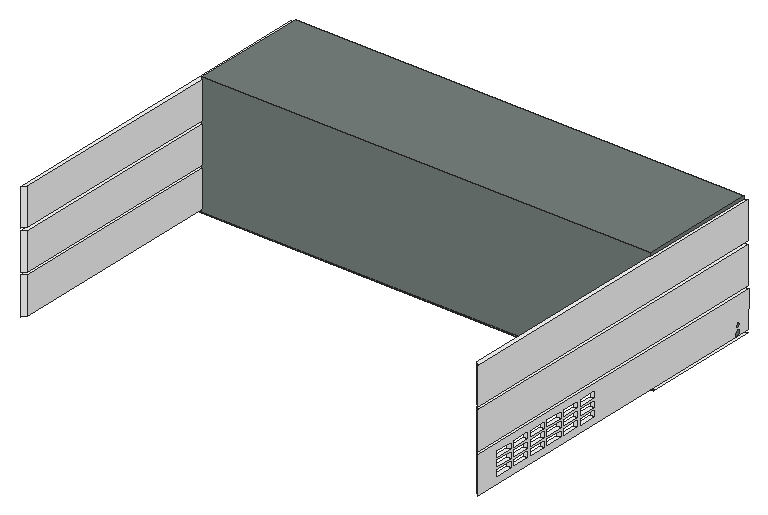
Revit family "CC 500", category Mechanical Equipment, Revit 2019
Family settings
  Round Connector Dimension = Use Diameter
  Part Type = Normal
  OmniClass Number = 23.75.00.00
  OmniClass Title = Climate Control (HVAC)
  Work Plane-Based = No
  Always vertical = Yes
  Cut with Voids When Loaded = No
  Shared = No
  Room Calculation Point = No
Parameters
  Weight (Standard Unit) = 82.8  # constant formula
  Water Heater Surface Return = 10 mm  # constant formula
  Water Heater Surface IN = 10 mm  # constant formula
  URL = "www.airmaster-as.com"
  Total Width = 1600 mm  # constant formula
  Total Hight = 439 mm  # constant formula
  Top panel R [instance] = yes
  Top Panel L [instance] = yes
  T-C Duct Supply = 171.3 mm  # constant formula
  T-C Duct Exhaust = 171.3 mm  # constant formula
  Suply Air In = 250 mm  # constant formula
  R-C Duct Supply = 329 mm  # constant formula
  Phase 1 - Max Power Consumption = "1040 W"
  Phase 1 - Max Current = "6,4 A"
  Nominal current,Cooling = "6,4 A"
  Model = "CC 500"
  Middle Panel R [instance] = yes
  Middel panel L [instance] = yes
  Max. flow rate 35 dB(A) with ePM10 80% filters = 440.00 m³  # constant formula
  Max. flow rate 35 dB(A) with ePM10 55% filters = 495.00 m³  # constant formula
  Max. flow rate 35 dB(A) with ePM10 50% filters = 550.00 m³  # constant formula
  Max. flow rate 30 dB(A) with ePM10 80% filters = 344.00 m³  # constant formula
  Max. flow rate 30 dB(A) with ePM10 55% filters = 387.00 m³  # constant formula
  Max. flow rate 30 dB(A) with ePM10 50% filters = 430.00 m³  # constant formula
  Manufacturer = "Airmaster A/S"
  Maintenance [instance] = no
  L-C Duct Exhaust = 192 mm  # constant formula
  Exhaust Air = 250 mm  # constant formula
  Total Depth = 1184 mm  # constant formula
  Electrical connection = "1 ~ 230 V / N / PE / 50 Hz"
  Ducted Panel [instance] = no
  Drawn By = "LSB"
  Condensate = 9 mm  # constant formula
  Butttom Panel L [instance] = yes
  Buttom Panel R [instance] = yes
  Airlow area [instance] = no
Reference planes
  plane 1 "Center (Front/Back)": y = 0
  plane 2: z = 0
  plane 3 "Center (Left/Right)": x = 0
  plane 4 "Center L/S": y = -777
  plane 5 "Center L/T": x = -800
  plane 6 "Center L/U": x = 800
  plane 7 "TOP": z = 439
  plane 8 "Center L/V": x = -785
  plane 9 "Center L/W": y = -762
  plane 10 "Center L/X": x = 785
  plane 11 "Panel Buttom": z = 24.45
  plane 12 "Panel Top": z = 153.45
  plane 13 "Hatch": z = 14.5
  plane 14 "Center L/Z": z = 163.4
  plane 15 "Center L/AA": z = 292.4
  plane 16 "Center L/BB": z = 302.35
  plane 17 "Center L/CC": z = 431.35
Forms (mm)
  Extrusion 1, solid, material "AM White", visible <- "Buttom Panel R"
    sketch origin (794.5, -1117, 24.45) x (0, -1, 0) y (-1, 0, 0)
      loop
        line (-1524, -5.5) -> (-340, -5.5) -> (-355, 9.5) -> (-1524, 9.5) -> (-1524, -5.5)
    from 0 to -129
  Extrusion 2, void
    sketch origin (800, 0, 24.45) x (0, 1, 0) y (0, 0, -1)
      loop
        line (-696.75, -105.164) -> (-628.75, -105.164) -> (-628.75, -80.664) -> (-696.75, -80.664) -> (-696.75, -105.164)
      loop
        line (-696.75, -75.664) -> (-628.75, -75.664) -> (-628.75, -51.164) -> (-696.75, -51.164) -> (-696.75, -75.664)
      loop
        line (-696.75, -46.164) -> (-628.75, -46.164) -> (-628.75, -21.664) -> (-696.75, -21.664) -> (-696.75, -46.164)
      loop
        line (-623.75, -105.164) -> (-555.75, -105.164) -> (-555.75, -80.664) -> (-623.75, -80.664) -> (-623.75, -105.164)
      loop
        line (-623.75, -75.664) -> (-555.75, -75.664) -> (-555.75, -51.164) -> (-623.75, -51.164) -> (-623.75, -75.664)
      loop
        line (-623.75, -46.164) -> (-555.75, -46.164) -> (-555.75, -21.664) -> (-623.75, -21.664) -> (-623.75, -46.164)
      loop
        line (-550.75, -105.164) -> (-482.75, -105.164) -> (-482.75, -80.664) -> (-550.75, -80.664) -> (-550.75, -105.164)
      loop
        line (-550.75, -75.664) -> (-482.75, -75.664) -> (-482.75, -51.164) -> (-550.75, -51.164) -> (-550.75, -75.664)
      loop
        line (-550.75, -46.164) -> (-482.75, -46.164) -> (-482.75, -21.664) -> (-550.75, -21.664) -> (-550.75, -46.164)
      loop
        line (-477.75, -105.164) -> (-409.75, -105.164) -> (-409.75, -80.664) -> (-477.75, -80.664) -> (-477.75, -105.164)
      loop
        line (-477.75, -75.664) -> (-409.75, -75.664) -> (-409.75, -51.164) -> (-477.75, -51.164) -> (-477.75, -75.664)
      loop
        line (-477.75, -46.164) -> (-409.75, -46.164) -> (-409.75, -21.664) -> (-477.75, -21.664) -> (-477.75, -46.164)
      loop
        line (-404.75, -105.164) -> (-336.75, -105.164) -> (-336.75, -80.664) -> (-404.75, -80.664) -> (-404.75, -105.164)
      loop
        line (-404.75, -75.664) -> (-336.75, -75.664) -> (-336.75, -51.164) -> (-404.75, -51.164) -> (-404.75, -75.664)
      loop
        line (-404.75, -46.164) -> (-336.75, -46.164) -> (-336.75, -21.664) -> (-404.75, -21.664) -> (-404.75, -46.164)
      loop
        line (-331.75, -105.164) -> (-263.75, -105.164) -> (-263.75, -80.664) -> (-331.75, -80.664) -> (-331.75, -105.164)
      loop
        line (-331.75, -75.664) -> (-263.75, -75.664) -> (-263.75, -51.164) -> (-331.75, -51.164) -> (-331.75, -75.664)
      loop
        line (-331.75, -46.164) -> (-263.75, -46.164) -> (-263.75, -21.664) -> (-331.75, -21.664) -> (-331.75, -46.164)
    from 0 to 15
  Extrusion 3, solid, material "AM Grey"
    sketch origin (785, 814, 0) x (0, -1, 0) y (0, 0, -1)
      loop
        circle (455.75, -36.414) r 8
    from 0 to 15
  Extrusion 4, solid, material "AM Grey"
    sketch origin (785, 814, 0) x (0, -1, 0) y (0, 0, -1)
      loop
        circle (455.75, -60.414) r 5.5
    from 0 to 15
  Extrusion 5, solid, material "AM Grey"
    sketch origin (-785, 407, 0) x (1, 0, 0) y (0, 0, -1)
      loop
        circle (1256, -267.7) r 125
    from 0 to 18.45
  Extrusion 6, solid, material "AM Grey"
    sketch origin (-785, 407, 0) x (1, 0, 0) y (0, 0, -1)
      loop
        circle (177, -267.7) r 125
    from 0 to 18.45
  Extrusion 7, solid, material "AM White", visible <- "Middle Panel R"
    sketch origin (794.5, -1117, 163.4) x (0, -1, 0) y (-1, 0, 0)
      loop
        line (-1524, -5.5) -> (-340, -5.5) -> (-355, 9.5) -> (-1524, 9.5) -> (-1524, -5.5)
    from 0 to -129
  Extrusion 8, solid, material "AM White", visible <- "Top panel R"
    sketch origin (794.5, -1117, 302.35) x (0, -1, 0) y (-1, 0, 0)
      loop
        line (-1524, -5.5) -> (-340, -5.5) -> (-355, 9.5) -> (-1524, 9.5) -> (-1524, -5.5)
    from 0 to -129
  Blend 9, solid, material "AM White"
    base sketch origin (-790.646, -303, 14.5) x (0, -1, 0) y (1, 0, 0)
      loop
        line (-303, -9.354) -> (-303, 1590.646) -> (-710, 1590.646) -> (-710, -9.354) -> (-303, -9.354)
    top sketch origin (-790.646, -303, 14.5) x (0, -1, 0) y (1, 0, 0)
      loop
        line (-318, 8.963) -> (-318, 1572.646) -> (-695, 1572.646) -> (-695, 8.963) -> (-318, 8.963)
    from 0 to -14.5
  Extrusion 10, solid, material "AM Grey"
    sketch origin (-790.646, -1524, 0) x (0, -1, 0) y (1, 0, 0)
      loop
        line (-1931, 5.646) -> (-1524, 5.646) -> (-1524, 1575.646) -> (-1931, 1575.646) -> (-1931, 5.646)
    from 14.5 to 439
  Extrusion 11, solid, material "Maintenece", visible <- "Maintenance"
    sketch origin (0, 0, 0) x (1, 0, 0) y (0, 1, 0)
      loop
        line (-800, 407) -> (-800, 0) -> (800, 0) -> (800, 407) -> (-800, 407)
    from 0 to -1200
  Extrusion 12, solid, material "AM White", visible <- "Ducted Panel"
    sketch origin (794.5, -1117, 163.4) x (0, -1, 0) y (-1, 0, 0)
      loop
        line (-1524, -5.5) -> (-340, -5.5) -> (-355, 9.5) -> (-1524, 9.5) -> (-1524, -5.5)
    from 138.95 to -267.95
  Extrusion 13, solid, material "AM White", visible <- "Middel panel L"
    sketch origin (794.5, -1117, 163.4) x (0, -1, 0) y (-1, 0, 0)
      loop
        line (-1524, 1594.5) -> (-1524, 1579.5) -> (-355, 1579.5) -> (-340, 1594.5) -> (-1524, 1594.5)
    from 0 to -129
  Extrusion 14, solid, material "AM White", visible <- "Butttom Panel L"
    sketch origin (794.5, -1117, 24.45) x (0, -1, 0) y (-1, 0, 0)
      loop
        line (-1524, 1594.5) -> (-1524, 1579.5) -> (-355, 1579.5) -> (-340, 1594.5) -> (-1524, 1594.5)
    from 0 to -129
  Extrusion 15, solid, material "AM White", visible <- "Top Panel L"
    sketch origin (794.5, -1117, 302.35) x (0, -1, 0) y (-1, 0, 0)
      loop
        line (-1524, 1594.5) -> (-1524, 1579.5) -> (-355, 1579.5) -> (-340, 1594.5) -> (-1524, 1594.5)
    from 0 to -129
Cuts and joins
  Extrusion 2 cuts Extrusion 1
Dimensions and locks
  equal spacing: plane 5 "Center L/T", plane 3 "Center (Left/Right)", plane 6 "Center L/U"
  "Total Width": plane 5 "Center L/T" to plane 6 "Center L/U"
  "Total Hight": plane 7 "TOP" to level
  locked: plane 10 "Center L/X" to plane 6 "Center L/U" at 15
  locked: plane 4 "Center L/S" to plane 9 "Center L/W" at 15
  locked: plane 5 "Center L/T" to plane 8 "Center L/V" at 15
  "R-C Duct Supply": plane 6 "Center L/U" to Extrusion 5 sketch curve
  "T-C Duct Exhaust": Extrusion 6 sketch curve to plane 7 "TOP"
  "L-C Duct Exhaust": Extrusion 6 sketch curve to plane 5 "Center L/T"
  aligned and locked: level to plane 2
  aligned and locked: plane 6 "Center L/U" to Extrusion 1 sketch curve
  aligned and locked: Extrusion 7 to plane 15 "Center L/AA"
  aligned and locked: Extrusion 8 to plane 17 "Center L/CC"
Automatic sketch dimensions
  Extrusion 1 sketch curve to plane 10 "Center L/X" = 0 mm
  plane 9 "Center L/W" to Extrusion 1 sketch curve = 0 mm
  plane 4 "Center L/S" to Extrusion 1 sketch curve = 0 mm
  Extrusion 1 sketch curve to plane 1 "Center (Front/Back)" = 407 mm
  plane 12 "Panel Top" to Extrusion 2 sketch curve = 23.836 mm  (x2)
  Extrusion 2 sketch curve to plane 9 "Center L/W" = 65.25 mm
  Extrusion 2 sketch curve to Extrusion 2 sketch curve = 0 mm  (x33)
  Extrusion 2 sketch curve to Extrusion 2 sketch curve = 68 mm  (x6)
  Extrusion 2 sketch curve to Extrusion 2 sketch curve = 5 mm  (x22)
  Extrusion 2 sketch curve to Extrusion 2 sketch curve = 24.5 mm  (x5)
  Extrusion 2 sketch curve to plane 11 "Panel Buttom" = 21.664 mm  (x3)
  Extrusion 3 sketch curve to plane 11 "Panel Buttom" = 11.964 mm
  Extrusion 3 sketch curve to plane 1 "Center (Front/Back)" = 358.25 mm
  Extrusion 4 sketch curve to plane 11 "Panel Buttom" = 35.964 mm
  Extrusion 4 sketch curve to plane 1 "Center (Front/Back)" = 358.25 mm
  plane 15 "Center L/AA" to Extrusion 5 sketch curve = 24.7 mm
  Extrusion 7 sketch curve to plane 6 "Center L/U" = 0 mm
  Extrusion 7 sketch curve to plane 10 "Center L/X" = 0 mm
  plane 9 "Center L/W" to Extrusion 7 sketch curve = 0 mm
  plane 4 "Center L/S" to Extrusion 7 sketch curve = 0 mm
  Extrusion 7 sketch curve to plane 1 "Center (Front/Back)" = 407 mm
  Extrusion 8 sketch curve to plane 6 "Center L/U" = 0 mm
  Extrusion 8 sketch curve to plane 10 "Center L/X" = 0 mm
  plane 9 "Center L/W" to Extrusion 8 sketch curve = 0 mm
  plane 4 "Center L/S" to Extrusion 8 sketch curve = 0 mm
  Extrusion 8 sketch curve to plane 1 "Center (Front/Back)" = 407 mm
  Blend 9 sketch curve to plane 5 "Center L/T" = 0 mm
  Blend 9 sketch curve to plane 6 "Center L/U" = 0 mm
  plane 1 "Center (Front/Back)" to Blend 9 sketch curve = 0 mm
  Blend 9 sketch curve to plane 1 "Center (Front/Back)" = 407 mm
  plane 8 "Center L/V" to Blend 9 sketch curve = 3.316 mm
  Blend 9 sketch curve to plane 1 "Center (Front/Back)" = 392 mm
  Blend 9 sketch curve to plane 1 "Center (Front/Back)" = 15 mm
  Blend 9 sketch curve to plane 10 "Center L/X" = 3 mm
  Extrusion 10 sketch curve to plane 10 "Center L/X" = 0 mm
  Extrusion 10 sketch curve to plane 8 "Center L/V" = 0 mm
  plane 1 "Center (Front/Back)" to Extrusion 10 sketch curve = 0 mm
  Extrusion 10 sketch curve to plane 1 "Center (Front/Back)" = 407 mm
  plane 1 "Center (Front/Back)" to Extrusion 11 sketch curve = 0 mm
  Extrusion 11 sketch curve to plane 5 "Center L/T" = 0 mm
  Extrusion 11 sketch curve to plane 6 "Center L/U" = 0 mm
  Extrusion 11 sketch curve to plane 1 "Center (Front/Back)" = 407 mm
  Extrusion 12 sketch curve to plane 10 "Center L/X" = 0 mm
  Extrusion 12 sketch curve to plane 6 "Center L/U" = 0 mm
  plane 9 "Center L/W" to Extrusion 12 sketch curve = 0 mm
  plane 4 "Center L/S" to Extrusion 12 sketch curve = 0 mm
  Extrusion 12 sketch curve to plane 1 "Center (Front/Back)" = 407 mm
  Extrusion 13 sketch curve to plane 5 "Center L/T" = 0 mm
  Extrusion 13 sketch curve to plane 8 "Center L/V" = 0 mm
  Extrusion 13 sketch curve to plane 9 "Center L/W" = 0 mm
  plane 4 "Center L/S" to Extrusion 13 sketch curve = 0 mm
  Extrusion 13 sketch curve to plane 1 "Center (Front/Back)" = 407 mm
  Extrusion 14 sketch curve to plane 5 "Center L/T" = 0 mm
  Extrusion 14 sketch curve to plane 8 "Center L/V" = 0 mm
  Extrusion 14 sketch curve to plane 9 "Center L/W" = 0 mm
  plane 4 "Center L/S" to Extrusion 14 sketch curve = 0 mm
  Extrusion 14 sketch curve to plane 1 "Center (Front/Back)" = 407 mm
  Extrusion 15 sketch curve to plane 5 "Center L/T" = 0 mm
  Extrusion 15 sketch curve to plane 8 "Center L/V" = 0 mm
  Extrusion 15 sketch curve to plane 9 "Center L/W" = 0 mm
  plane 4 "Center L/S" to Extrusion 15 sketch curve = 0 mm
  Extrusion 15 sketch curve to plane 1 "Center (Front/Back)" = 407 mm
  radius of Extrusion 3 sketch curve = 8 mm
  radius of Extrusion 4 sketch curve = 5.5 mm
  radius of Extrusion 5 sketch curve = 125 mm
  radius of Extrusion 6 sketch curve = 125 mm
Nested families
  nested 1: "Model Label 2019" at (0, 207.014, 0), Label <- "Model", type "Model Label 2019"
    with Label "CC 500"
Connectors
  electrical at (800, 358.25, 60.414), driven by "Electrical connection"
    settings: on Extrusion 4, index 13, voltage 0 V, apparent load 0 VA, apparent load phase1 0 VA, apparent load phase2 0 VA, apparent load phase3 0 VA, power factor 0.71, load classification "Other", number of poles 1, system type 31, power factor state 1, is connector primary yes, connector utility no, sub classification motor no, connector description "1 ~ 230 V / N / PE / 50 Hz"
  piping at (800, 358.25, 36.414), diameter 9, driven by "Condensate"
    settings: on Extrusion 3, index 14, connector inside diameter 609.6 mm, connector length 0 mm, flow factor 0, pipe flow 0.0 L/s, pressure drop 0.0 Pa, fitting loss kfactor 0, connector angle 0.00°, fixture units 0, engagement length 0 mm, angle of deflection 0.00°, flow configuration 0, flow direction 2, fitting loss method 0, system type 16, joint type 0, gender type 0, connector reference index -1, connector utility 0, adjustable connector no, is connector primary yes, connector description ""
  hvac at (-608, 407, 267.7), driven by "Exhaust Air"
    settings: on Extrusion 6, index 15, duct flow 0.0 L/s, flow factor 0, pres drop 0.0 Pa, loss coef 0, conn angle 0.00°, conn width 304.8 mm, conn height 304.8 mm, conn diameter 250 mm, duct sys type 3, conn prof type 0, flow config 0, flow direction 2, loss method 0, conn ref index -1, conn util no, is conn primary yes, conn desc ""
  hvac at (471, 407, 267.7), driven by "Suply Air In"
    settings: on Extrusion 5, index 16, duct flow 0.0 L/s, flow factor 0, pres drop 0.0 Pa, loss coef 0, conn angle 0.00°, conn width 304.8 mm, conn height 304.8 mm, conn diameter 250 mm, duct sys type 1, conn prof type 0, flow config 0, flow direction 1, loss method 0, conn ref index -1, conn util no, is conn primary no, conn desc ""
Definition of nested family "Model Label 2019"
  Parameters (values of type "Model Label 2019")
    Label [instance] = ""
  Reference planes
    plane 1: y = 0
    plane 2: x = 0
  Text (mm)
    label "Label" at (-0.131, 0.049, 0), shows "Label"
